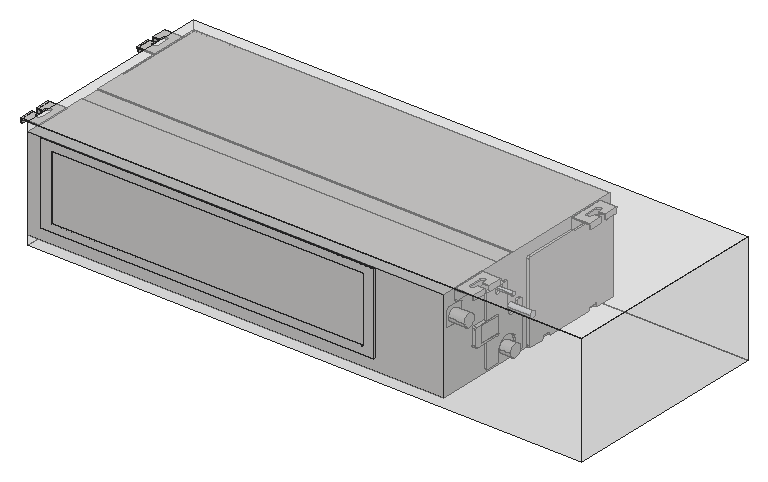
Revit family "outputfile", category 機械設備, Revit 2024
Family settings
  丸型コネクタ寸法 = 半径を使用
  パーツ タイプ = 標準
  OmniClass 番号 = 23.75.10.24.21.27.27
  OmniClass タイトル = Split System Air Conditioning Units
  作業面ベース = いいえ
  常に垂直 = はい
  ロード時にボイドで切り取り = いいえ
  注釈の向きを維持 = いいえ
  共有 = いいえ
  部屋計算ポイント = はい
Parameters (values of type "FPDSQ50APVM")
  Description = ""
  製造元 = "Daikin"
  書き出し IFC クラス(タイプ) = "IfcUnitaryEquipmentType"
  定義済み IFC タイプ(タイプ) = "AIRCONDITIONINGUNIT"
  Cost = 0
  モデル = "FPDSQ50APVM"
  Type Comments = ""
  Keynote = ""
  Type Image = (empty or 0)
  Assembly Code = ""
  lw_suctionflange = 36.75 mm  # constant formula
  r_Liquid Pipe Size = Liquid Pipe Size / 2  # 3.2 mm
  r_Gas Pipe Size = Gas Pipe Size / 2  # 6.35 mm
  r_Drain Pipe Size = Drain Pipe Size / 2  # 13.0 mm
  lw_dischargeflange = 60.0 mm  # constant formula
  lw_SA_left = 451.0 mm
  lw_SA = Width - 178.0 mm  # 722.0 mm
  lw_RA = 824.5 mm
  lh_suctionflange [instance] = if(Rear Connection_Return Air, -100.0 mm, -10.0 mm)  # -100.0 mm
  lh_power = 100.0 mm  # constant formula
  lh_mountinghole1 = lh_mountinghole  # 200.0 mm
  lh_dischargeflange = 112.0 mm  # constant formula
  lh_RA = 198.0 mm  # constant formula
  ld_dischargeflange = 225.0 mm  # constant formula
  ld_suctionflange [instance] = if(Rear Connection_Return Air, 190.0 mm, 100.0 mm)  # 190.0 mm
  angle_vertical_RA [instance] = if(Rear Connection_Return Air, 90.00°, 0.00°)  # 90.00°
  angle horizontal_RA [instance] = if(Rear Connection_Return Air, 180.00°, 270.00°)  # 180.00°
  Voltage_comment_60Hz = "220-230"
  Voltage_comment_50Hz = "220 - 240"
  Voltage_60Hz = 220 V
  Voltage_50Hz = 230 V
  URL = ""
  Supply Air Direction [instance] = yes
  Sound Power Level_H speed (dB) = 0
  Rear Connection_Return Air [instance] = not(Bottom Connection_Return Air)  # yes
  ld_RA = 190.0 mm  # constant formula
  Phase_60Hz = 1
  Phase_50Hz = 1
  Minimum External Static Pressure = 0.00 Pa
  Minimum Circuit Amps_60Hz = 0.63 A
  Minimum Circuit Amps_50Hz = 0.63 A
  Maximum Fuse Amps_60Hz = 16.0 A
  Maximum Fuse Amps_50Hz = 16.0 A
  Maximum External Static Pressure = 10.00 Pa
  Material_Casing = DAIKIN_GalvanizedSteel_Casing_indoorunit
  lw_mountinghole = 940.0 mm
  lh_gaspipe = -98.0 mm  # constant formula
  lh_mountinghole = 200.0 mm  # constant formula
  lh_liquidpipe = -45.5 mm  # constant formula
  lh_drainpipe = -50.0 mm  # constant formula
  lh_antena = 1.0 mm  # constant formula
  ld_drainpipe = 197.0 mm  # constant formula
  ld_liquidpipe = 84.0 mm  # constant formula
  ld_gaspipe = 46.5 mm  # constant formula
  ld_mountinghole = 315.0 mm  # constant formula
  h*** = 100.0 mm  # constant formula
  lw_liquidpipe = 40.0 mm  # constant formula
  lw_gaspipe = 51.0 mm  # constant formula
  lw_drainpipe = 33.0 mm  # constant formula
  Width = 900.0 mm
  Version = "ver.1.0"
  Unit Type = "Intelligent 3D Air Flow Ceiling Mounted Duct Type"
  Unit Mass Weight = 20.00 kg
  Unit Designation [instance] = ""
  Uniclass2015Version = "Products v1.30"
  Uniclass2015Title = "Variable refrigerant flow units"
  Uniclass2015Code = "Pr_70_65_03_94"
  Total Cooling Capacity [instance] = 0.000 kW
  Sound Pressure Level_M speed (dBA) = 35
  Sound Pressure Level_L speed (dBA) = 31
  Sound Pressure Level_H speed (dBA) = 39
  Series = "VRV HOME_Fan Coil Unit"
  Sensible Cooling Capacity [instance] = 0.000 kW
  SA Duct Size Width = 656.0 mm
  SA Duct Size Height = 141.0 mm
  Refrigerant Type = "R410A"
  RA Duct Size Width = 798.5 mm
  RA Duct Size Height = 172.0 mm
  Power Input (Cooling) = 0.049 kW
  Option Accessory 3 [instance] = ""
  Option Accessory 2 [instance] = ""
  Option Accessory 1 [instance] = ""
  Nominal Cooling Capacity = 5.600 kW
  Minimum Airflow = 630.00 m³/h
  Median Airflow = 780.00 m³/h
  Maximum Airflow = 900.00 m³/h
  Load Classification = HVAC
  Liquid Pipe Size = 6.4 mm
  Link_Nested Family [instance] = ""
  IfcVersion = ""
  IfcExportType = "AIRCONDITIONINGUNIT"
  IfcExportAs = "IfcUnitaryEquipmentType"
  Height = 200.0 mm
  Heat Exchanger Type = "Cross Fin Coil"
  Gas Pipe Size = 12.7 mm
  Frequency_60Hz = 60 Hz
  Frequency_50Hz = 50 Hz
  Fan Type = "Sirocco Fan"
  Fan Drive = "Direct Drive"
  FCU Tag No. [instance] = ""
  Drain Pipe Size = 26.0 mm
  Design Supply Airflow [instance] = 0.00 m³/h
  Design Return Airflow [instance] = 0.00 m³/h
  Design External Static Pressure [instance] = 0.00 Pa
  Depth = 450.0 mm
  既定の高さ = 0.0 mm
  Cooling Entering Wet Bulb Temperature [instance] = 0.00 °C
  Cooling Entering Dry Bulb Temperature [instance] = 0.00 °C
  Cooling Ambient Wet Bulb Temperature [instance] = 0.00 °C
  Cooling Ambient Dry Bulb Temperature [instance] = 0.00 °C
  Clearance visibility [instance] = yes
  Clearance Top = 20.0 mm
  Clearance Right = 300.0 mm
  Clearance Rear = 0.0 mm
  Clearance Left = 0.0 mm
  Clearance Front = 0.0 mm
  Clearance Bottom = 20.0 mm
  Bottom Connection_Return Air [instance] = no
  left_pipe = yes
Reference planes
  plane 1 "Center (Front/Back)": y = 0
  plane 2 "h": z = 0
  plane 3 "Center (Left/Right)": x = 0
  plane 4 "Back": y = 225
  plane 5 "Front": y = -225
  plane 6 "Left": x = -450
  plane 7 "Reight": x = 450
  plane 8 "Top": z = 0
  plane 9 "Bottom": z = -200
  plane 10: z = 1.2
  plane 11: z = -2
  plane 12: y = -136.255
  plane 13: z = -130.998
  plane 14: y = -88.831
  plane 15: x = -370
  plane 16 "lh_mountinghole": z = 0
  plane 17: y = -197
  plane 18: z = -50
  plane 19: y = -157.5
  plane 20: y = 157.5
  plane 21 "ld_liquidpipe": y = -84
  plane 22 "ld_gaspipe": y = -46.5
  plane 23: y = -215
  plane 24 "ld_maintenacesocket": y = -197
  plane 25: x = -470
  plane 26: x = -450
  plane 27: x = 448.7
  plane 28: x = 483
  plane 29: x = 457
  plane 30: x = 460
  plane 31: x = 458
  plane 32: x = 470
  plane 33: y = -62
  plane 34: x = 475.5
  plane 35: x = 448
  plane 36: y = 225
  plane 37: y = -225
  plane 38: x = -450
  plane 39: x = 750
  plane 40: z = 20
  plane 41: z = -220
  plane 42: y = 250
  plane 43: z = -198
  plane 44: z = 205.102
  plane 45 "d_liquid_pipe": x = 490
  plane 46 "d_gas_pipe": x = 501
  plane 47 "ld_SA": y = -225
  plane 48: x = -350
  plane 49: x = -60
  plane 50: y = 415
  plane 51: z = -88
  plane 52: z = -189.5
  plane 53: x = -449
  plane 54: z = -199
  plane 55: z = -1
  plane 56: y = 35
  plane 57: y = 25
  plane 58: z = -10
  plane 59 "RA_width": x = -36.75
  plane 60: y = 125
  plane 61 "RA_depth": y = 35
  plane 62: z = -100
  plane 63: x = -349
  plane 64: y = 224
  plane 65: x = 342.57
  plane 66: z = -31.16
  plane 67: x = 402
  plane 68: y = 158.8
  plane 69 "h86.5": z = -113.5
  plane 70: y = 111
Forms (mm)
  Extrusion 1, solid, material "DAIKIN_GalvanizedSteel_Casing_indoorunit" <- "Material_Casing"
    sketch origin (0, 0, 0) x (1, 0, 0) y (0, 1, 0)
      loop
        line (-450, 225) -> (-450, -225) -> (450, -225) -> (450, 225) -> (-450, 225)
    from -200 to 0
  Extrusion 2, solid, material "DAIKIN_GalvanizedSteel_Casing_indoorunit" <- "Material_Casing"
    sketch origin (0, 0.312, 0) x (0, 1, 0) y (0, 0, 1)
      loop
        line (182.791, -198) -> (224.688, -198) -> (224.688, -22.445) -> (195.656, -22.445) -> (192.165, -25.937) -> (122.336, -25.937) -> (118.844, -22.445) -> (1.633, -22.445)
        arc (1.633, -22.445) -> (-0.483, -23.322) -> (-1.36, -25.438) r 2.993
        line (-1.36, -25.438) -> (-1.36, -195.007)
        arc (-1.36, -195.007) -> (-0.483, -197.123) -> (1.633, -198) r 2.993
        line (1.633, -198) -> (31.061, -198)
        arc (31.061, -198) -> (33.177, -197.124) -> (34.053, -195.008) r 2.992
        line (34.053, -195.008) -> (34.053, -188.29)
        arc (34.053, -188.29) -> (35.55, -186.794) -> (37.046, -188.29) r 1.496
        line (37.046, -188.29) -> (37.046, -190.333) -> (52.01, -190.333) -> (52.01, -188.29)
        arc (52.01, -188.29) -> (53.506, -186.794) -> (55.002, -188.29) r 1.496
        line (55.002, -188.29) -> (55.002, -195.007)
        arc (55.002, -195.007) -> (55.879, -197.123) -> (57.995, -198) r 2.993
        line (57.995, -198) -> (155.756, -198)
        arc (155.756, -198) -> (157.872, -197.123) -> (158.749, -195.007) r 2.993
        line (158.749, -195.007) -> (158.749, -188.29)
        arc (158.749, -188.29) -> (160.245, -186.794) -> (161.741, -188.29) r 1.496
        line (161.741, -188.29) -> (161.741, -190.333) -> (176.705, -190.333) -> (176.705, -188.29)
        arc (176.705, -188.29) -> (178.201, -186.794) -> (179.697, -188.29) r 1.496
        line (179.697, -188.29) -> (179.697, -195.005)
        arc (179.697, -195.005) -> (180.571, -197.115) -> (182.682, -197.989) r 2.984
      loop
        arc (-61.313, -42.952) -> (-62.034, -41.571) -> (-63.466, -40.958) r 2.32
        line (-63.466, -40.958) -> (-70.317, -40.958)
        arc (-70.317, -40.958) -> (-71.728, -41.542) -> (-72.313, -42.953) r 1.995
        line (-72.313, -42.953) -> (-72.313, -45.5)
        arc (-72.313, -45.5) -> (-84.313, -57.5) -> (-96.313, -45.5) r 12
        line (-96.313, -45.5) -> (-96.313, -42.953)
        arc (-96.313, -42.953) -> (-96.897, -41.542) -> (-98.308, -40.958) r 1.995
        line (-98.308, -40.958) -> (-115.14, -40.958)
        arc (-115.14, -40.958) -> (-116.551, -41.542) -> (-117.135, -42.953) r 1.995
        line (-117.135, -42.953) -> (-117.135, -189.5) -> (-22.307, -189.5) -> (-22.307, -92.768)
        arc (-22.307, -92.768) -> (-22.891, -91.358) -> (-24.302, -90.773) r 1.995
        line (-24.302, -90.773) -> (-30.318, -90.773)
        arc (-30.318, -90.773) -> (-31.728, -91.358) -> (-32.313, -92.768) r 1.995
        line (-32.313, -92.768) -> (-32.313, -99.963)
        arc (-32.313, -99.963) -> (-47.621, -112.774) -> (-61.313, -98.249) r 14.551
        line (-61.313, -98.249) -> (-61.313, -42.952)
    from 450 to 457
  Extrusion 3, solid, material "DAIKIN_GalvanizedSteel_Casing_indoorunit" <- "Material_Casing"
    sketch origin (0, 0, 0) x (0, 1, 0) y (0, 0, 1)
      loop
        line (-91.821, -94.277) -> (-145.472, -94.277)
        arc (-145.472, -94.277) -> (-147.727, -95.07) -> (-148.682, -97.262) r 2.993
        line (-148.682, -97.262) -> (-148.682, -131.007)
        arc (-148.682, -131.007) -> (-147.871, -133.233) -> (-145.694, -134.172) r 2.993
        line (-145.694, -134.172) -> (-92.043, -134.172)
        arc (-92.043, -134.172) -> (-89.788, -133.378) -> (-88.833, -131.187) r 2.993
        line (-88.833, -131.187) -> (-88.831, -97.148)
        arc (-88.831, -97.148) -> (-89.748, -95.111) -> (-91.821, -94.277) r 2.993
    from 450 to 460
  Extrusion 4, void
    sketch origin (0, 0, 0) x (1, 0, 0) y (0, 1, 0)
      loop
        line (448.7, -35.647) -> (-450, -35.647) -> (-450, -77.912) -> (448.7, -77.912) -> (448.7, -35.647)
    from -2 to 0
  Extrusion 5, void
    sketch origin (0, 0, 0) x (0, 1, 0) y (0, 0, 1)
      loop
        line (-136.255, -95.719) -> (-136.255, -130.724) -> (-88.831, -130.724) -> (-88.831, -95.719) -> (-136.255, -95.719)
    from 458 to 460
  Extrusion 6, void
    sketch origin (0, 0, 29.537) x (0, 1, 0) y (0, 0, 1)
      loop
        arc (-37.558, -199.001) -> (-61.998, -174.561) -> (-86.438, -199.001) r 24.44
        line (-86.438, -199.001) -> (-86.438, -219.037) -> (-37.558, -219.037) -> (-37.558, -199.001)
    from 457 to 450
  Extrusion 7, solid, material "DAIKIN_GalvanizedSteel_Casing_indoorunit" <- "Material_Casing"
    sketch origin (0, 0, 0) x (0, 1, 0) y (0, 0, 1)
      loop
        circle (-62, -170) r 12.968
    from 450 to 475.5
  Extrusion 8, solid, material "DAIKIN_GalvanizedSteel_Casing_indoorunit" <- "Material_Casing"
    sketch origin (0, 0, 0) x (0, 1, 0) y (0, 0, 1)
      loop
        circle (-197, -50) r 13
    from 448 to 483
  Extrusion 9, void
    sketch origin (0, 0, 0) x (0, 1, 0) y (0, 0, 1)
      loop
        arc (-212.961, -29.051) -> (-216.488, -30.512) -> (-217.949, -34.039) r 4.988
        line (-217.949, -34.039) -> (-217.949, -63.961)
        arc (-217.949, -63.961) -> (-216.488, -67.488) -> (-212.961, -68.949) r 4.988
        line (-212.961, -68.949) -> (-181.039, -68.949)
        arc (-181.039, -68.949) -> (-177.512, -67.488) -> (-176.051, -63.961) r 4.988
        line (-176.051, -63.961) -> (-176.051, -34.039)
        arc (-176.051, -34.039) -> (-177.512, -30.512) -> (-181.039, -29.051) r 4.988
        line (-181.039, -29.051) -> (-212.961, -29.051)
    from 448 to 450
  Extrusion 10, solid
    sketch origin (0, 0, 0) x (0, 1, 0) y (0, 0, 1)
      loop
        circle (-84, -45.5) r 3.2
    from 450 to 490
  Extrusion 11, solid
    sketch origin (0, 0, 0) x (0, 1, 0) y (0, 0, 1)
      loop
        circle (-46.5, -98) r 6.35
    from 450 to 501
  Extrusion 12, solid, material "DAIKIN_GalvanizedSteel_Casing_indoorunit" <- "Material_Casing"
    sketch origin (0, 0, 0) x (1, 0, 0) y (0, 1, 0)
      loop
        circle (402, 158.8) r 25
    from -198 to -200
  Extrusion 13, void
    sketch origin (0, 0, 0) x (1, 0, 0) y (0, 0, 1)
      loop
        line (-449, -1) -> (-449, -199) -> (362.5, -199) -> (362.5, -1) -> (-449, -1)
    from -225 to -35
  Extrusion 14, void
    sketch origin (0, 0, 0) x (1, 0, 0) y (0, 1, 0)
      loop
        line (-449, 224) -> (-449, 26) -> (362.5, 26) -> (362.5, 224) -> (-449, 224)
    from -200 to -10
  Extrusion 15, solid, material "DAIKIN_GalvanizedSteel_Casing_indoorunit" <- "Material_Casing", visible <- "Rear Connection_Return Air"
    sketch origin (0, 0, 0) x (1, 0, 0) y (0, 1, 0)
      loop
        line (362.5, 224) -> (-449, 224) -> (-449, 26) -> (362.5, 26) -> (362.5, 224)
    from -200 to -199
  Extrusion 16, solid, material "DAIKIN_GalvanizedSteel_Casing_indoorunit" <- "Material_Casing", visible <- "Bottom Connection_Return Air"
    sketch origin (0, 0, 0) x (1, 0, 0) y (0, 0, 1)
      loop
        line (362.5, -1) -> (-449, -1) -> (-449, -199) -> (362.5, -199) -> (362.5, -1)
    from -225 to -215
  Extrusion 17, void
    sketch origin (-450, 0, 0) x (0, 1, 0) y (0, 0, 1)
      loop
        line (152, -88.5) -> (70, -88.5) -> (70, -138.5) -> (152, -138.5) -> (152, -88.5)
    from 0 to 0.5
  Revolve 18, solid, material "DAIKIN_GalvanizedSteel_Casing_indoorunit" <- "Material_Casing", visible <- "left_pipe"
    sketch origin (0, 0, -113.5) x (0, 1, 0) y (-1, 0, 0)
      loop
        line (111, 449.5) -> (111, 473) -> (103.5, 473) -> (103.5, 459) -> (93.5, 459) -> (93.5, 457.5) -> (90, 457.5) -> (90, 449.5) -> (111, 449.5)
      axis (111, 473) -> (111, 449.5)
    angle from 0 to 360
Cuts and joins
  Extrusion 4, Extrusion 5, Extrusion 9, Extrusion 13, Extrusion 14, Extrusion 17 cuts Extrusion 1
  Extrusion 5 cuts Extrusion 3
  Extrusion 6 cuts Extrusion 2
  Extrusion 13 cuts Extrusion 8
Dimensions and locks
  "Height": plane 8 "Top" to plane 9 "Bottom"
  locked: plane 10 to plane 8 "Top" at 1.2
  locked: plane 8 "Top" to plane 11 at 2
  locked: Extrusion 6 sketch curve to Extrusion 6 sketch curve at 48.881
  locked: Extrusion 6 sketch curve to Extrusion 6 sketch curve at 20.035  (x2)
  equal spacing: plane 19, plane 1 "Center (Front/Back)", plane 20
  "ld_mountinghole": plane 19 to plane 20
  "ld_gaspipe": plane 22 "ld_gaspipe" to plane 1 "Center (Front/Back)"
  "ld_liquidpipe": plane 21 "ld_liquidpipe" to plane 1 "Center (Front/Back)"
  "ld_drainpipe": plane 24 "ld_maintenacesocket" to plane 1 "Center (Front/Back)"
  equal spacing: plane 4 "Back", plane 1 "Center (Front/Back)", plane 5 "Front"
  "Depth": plane 4 "Back" to plane 5 "Front"
  locked: plane 12 to plane 1 "Center (Front/Back)" at 136.255
  locked: plane 12 to plane 14 at 47.425
  locked: plane 14 to plane 1 "Center (Front/Back)" at 88.831
  locked: plane 13 to plane 9 "Bottom" at 69.002
  equal spacing: plane 6 "Left", plane 3 "Center (Left/Right)", plane 7 "Reight"
  "Width": plane 6 "Left" to plane 7 "Reight"
  "lw_drainpipe": plane 7 "Reight" to plane 28
  locked: plane 7 "Reight" to plane 29 at 7
  locked: plane 30 to plane 28 at 23
  locked: plane 31 to plane 28 at 25
  equal spacing: plane 25, plane 3 "Center (Left/Right)", plane 32
  "lw_mountinghole": plane 25 to plane 32
  locked: plane 7 "Reight" to plane 34 at 25.5
  locked: plane 35 to plane 7 "Reight" at 2
  "Clearance Left": plane 38 to plane 6 "Left"
  "Clearance Right": plane 7 "Reight" to plane 39
  "Clearance Rear": plane 36 to plane 4 "Back"
  "Clearance Front": plane 5 "Front" to plane 37
  "Clearance Top": plane 40 to plane 8 "Top"
  "Clearance Bottom": plane 9 "Bottom" to plane 41
  locked: plane 42 to plane 4 "Back" at 25
  locked: plane 27 to plane 7 "Reight" at 1.3
  locked: plane 43 to plane 9 "Bottom" at 2
  "lw_liquidpipe": plane 7 "Reight" to plane 45 "d_liquid_pipe"
  "lw_gaspipe": plane 7 "Reight" to plane 46 "d_gas_pipe"
  "lh_mountinghole": plane 16 "lh_mountinghole" to plane 9 "Bottom"
  "ld_suctionflange": plane 50 to plane 4 "Back"
  "lw_dischargeflange": plane 49 to plane 3 "Center (Left/Right)"
  "lh_dischargeflange": plane 51 to plane 9 "Bottom"
  locked: plane 52 to plane 9 "Bottom" at 10.5
  locked: plane 33 to plane 1 "Center (Front/Back)" at 62
  locked: plane 8 "Top" to plane 55 at 1
  locked: plane 53 to plane 6 "Left" at 1
  locked: plane 54 to plane 9 "Bottom" at 1
  locked: plane 58 to plane 9 "Bottom" at 190
  locked: plane 4 "Back" to plane 56 at 190
  locked: plane 4 "Back" to plane 57 at 200
  locked: plane 4 "Back" to plane 60 at 100
  "lw_suctionflange": plane 59 "RA_width" to plane 3 "Center (Left/Right)"
  "ld_suctionflange": plane 4 "Back" to plane 61 "RA_depth"
  "lh_power": plane 62 to plane 9 "Bottom"
  locked: plane 48 to plane 63 at 1
  locked: plane 36 to plane 64 at 1
  locked: plane 8 "Top" to plane 66 at 31.16
  locked: plane 7 "Reight" to plane 65 at 107.43
  locked: plane 18 to plane 9 "Bottom" at 150
  locked: plane 67 to plane 7 "Reight" at 48
  locked: Extrusion 17 sketch curve to Extrusion 17 sketch curve at 82
  locked: Extrusion 17 sketch curve to Extrusion 17 sketch curve at 50
  locked: plane 4 "Back" to Extrusion 17 sketch curve at 73
  locked: Extrusion 17 sketch curve to plane 9 "Bottom" at 61.5
  locked: plane 69 "h86.5" to plane 9 "Bottom" at 86.5
  locked: plane 4 "Back" to plane 70 at 114
  locked: plane 70 to Revolve 18 sketch curve at 21
  locked: plane 70 to Revolve 18 sketch curve at 17.5
  locked: plane 70 to Revolve 18 sketch curve at 7.5
  locked: Revolve 18 sketch curve to plane 6 "Left" at 23
  cut or joined group of Extrusion 1, Extrusion 4, Extrusion 5, Extrusion 9, Extrusion 13, Extrusion 14, Extrusion 17 to nested 16 = 798.5 mm
  nested 16 to nested 9 = 14.0 mm
  nested 16 to cut or joined group of Extrusion 1, Extrusion 4, Extrusion 5, Extrusion 9, Extrusion 13, Extrusion 14, Extrusion 17 = 13.0 mm
  "ld_dischargeflange": plane 47 "ld_SA" to plane 1 "Center (Front/Back)"
  plane 4 "Back" to plane 68 = 66.2 mm
  "Drain Pipe Size": diameter of Extrusion 8 sketch curve
  "Liquid Pipe Size": diameter of Extrusion 10 sketch curve
  "Gas Pipe Size": diameter of Extrusion 11 sketch curve
  aligned and locked: level to plane 2 "h"
  aligned and locked: plane 8 "Top" to Extrusion 1
  aligned and locked: Extrusion 1 to plane 9 "Bottom"
  aligned and locked: cut or joined group of Extrusion 1, Extrusion 4, Extrusion 5, Extrusion 9, Extrusion 13, Extrusion 14, Extrusion 17 to plane 8 "Top"
  aligned and locked: Extrusion 4 to plane 11
  aligned and locked: plane 8 "Top" to Extrusion 4
  aligned and locked: Extrusion 3 to Extrusion 5
  aligned and locked: plane 14 to Extrusion 5 sketch curve
  aligned and locked: Extrusion 5 sketch curve to plane 12
  aligned and locked: plane 19 to nested 1
  aligned and locked: nested 3 to plane 19
  aligned and locked: nested 2 to plane 20
  aligned and locked: nested 4 to plane 22 "ld_gaspipe"
  aligned and locked: nested 5 to plane 21 "ld_liquidpipe"
  aligned and locked: nested 6 to plane 24 "ld_maintenacesocket"
  aligned and locked: plane 4 "Back" to cut or joined group of Extrusion 2, Extrusion 6
  aligned and locked: nested 1 to plane 7 "Reight"
  aligned and locked: plane 6 "Left" to plane 26
  aligned and locked: Extrusion 4 sketch curve to plane 26
  aligned and locked: Extrusion 4 sketch curve to plane 27
  aligned and locked: cut or joined group of Extrusion 1, Extrusion 4, Extrusion 5, Extrusion 9, Extrusion 13, Extrusion 14, Extrusion 17 to plane 6 "Left"
  aligned and locked: plane 7 "Reight" to cut or joined group of Extrusion 1, Extrusion 4, Extrusion 5, Extrusion 9, Extrusion 13, Extrusion 14, Extrusion 17
  aligned and locked: plane 28 to Extrusion 8
  aligned and locked: Extrusion 8 to plane 28  (x2)
  aligned and locked: cut or joined group of Extrusion 2, Extrusion 6 to plane 29
  aligned and locked: plane 29 to cut or joined group of Extrusion 2, Extrusion 6  (x3)
  aligned and locked: plane 7 "Reight" to nested 1
  aligned and locked: cut or joined group of Extrusion 2, Extrusion 6 to plane 7 "Reight"
  aligned and locked: Extrusion 2 to Extrusion 6
  aligned and locked: Extrusion 6 to plane 7 "Reight"
  aligned and locked: plane 30 to cut or joined group of Extrusion 3, Extrusion 5
  aligned and locked: cut or joined group of Extrusion 3, Extrusion 5 to plane 31
  aligned and locked: nested 2 to plane 6 "Left"
  aligned and locked: nested 3 to plane 6 "Left"
  aligned and locked: plane 33 to Extrusion 7 sketch curve
  aligned and locked: Extrusion 7 to plane 7 "Reight"
  aligned and locked: plane 34 to Extrusion 7
  aligned and locked: Extrusion 3 to plane 7 "Reight"
  aligned and locked: plane 7 "Reight" to Extrusion 9
  aligned and locked: plane 35 to Extrusion 9
  aligned and locked: plane 35 to Extrusion 8
  aligned and locked: plane 20 to nested 7
  aligned and locked: plane 3 "Center (Left/Right)" to nested 8
  aligned and locked: plane 1 "Center (Front/Back)" to nested 8
  aligned and locked: plane 7 "Reight" to nested 7
  aligned and locked: plane 4 "Back" to cut or joined group of Extrusion 1, Extrusion 4, Extrusion 5, Extrusion 9, Extrusion 13, Extrusion 14, Extrusion 17
  aligned and locked: nested 9 to plane 37
  aligned and locked: plane 38 to nested 9
  aligned and locked: plane 39 to nested 9
  aligned and locked: nested 9 to plane 38
  aligned and locked: plane 36 to nested 9
  aligned and locked: plane 40 to nested 9
  aligned and locked: plane 41 to nested 9
  aligned and locked: cut or joined group of Extrusion 1, Extrusion 4, Extrusion 5, Extrusion 9, Extrusion 13, Extrusion 14, Extrusion 17 to plane 9 "Bottom"
  aligned and locked: Extrusion 10 to plane 7 "Reight"
  aligned and locked: plane 45 "d_liquid_pipe" to Extrusion 10
  aligned and locked: plane 22 "ld_gaspipe" to Extrusion 11 sketch curve
  aligned and locked: Extrusion 11 to plane 7 "Reight"
  aligned and locked: plane 46 "d_gas_pipe" to Extrusion 11
  aligned and locked: plane 46 "d_gas_pipe" to nested 4
  aligned and locked: plane 45 "d_liquid_pipe" to nested 5
  aligned and locked: plane 21 "ld_liquidpipe" to Extrusion 10 sketch curve
  aligned and locked: plane 16 "lh_mountinghole" to nested 3
  aligned and locked: plane 16 "lh_mountinghole" to nested 2
  aligned and locked: plane 16 "lh_mountinghole" to nested 1
  aligned and locked: plane 16 "lh_mountinghole" to nested 7
  aligned and locked: plane 32 to nested 10
  aligned and locked: plane 19 to nested 10
  aligned and locked: plane 32 to nested 13
  aligned and locked: plane 20 to nested 13
  aligned and locked: plane 25 to nested 11
  aligned and locked: plane 20 to nested 11
  aligned and locked: plane 25 to nested 12
  aligned and locked: plane 19 to nested 12
  aligned and locked: plane 49 to nested 14
  aligned and locked: plane 51 to nested 14
  aligned and locked: plane 20 to nested 15
  aligned and locked: plane 52 to Extrusion 2 sketch curve
  aligned and locked: cut or joined group of Extrusion 2, Extrusion 6 to Extrusion 12
  aligned and locked: Extrusion 12 to plane 9 "Bottom"
  aligned and locked: nested 15 to plane 9 "Bottom"
  aligned and locked: Extrusion 2 sketch curve to plane 43  (x3)
  aligned and locked: plane 53 to Extrusion 13 sketch curve
  aligned and locked: Extrusion 13 sketch curve to plane 55
  aligned and locked: plane 54 to Extrusion 13 sketch curve
  aligned and locked: plane 4 "Back" to Extrusion 13
  aligned and locked: nested 16 to cut or joined group of Extrusion 1, Extrusion 4, Extrusion 5, Extrusion 9, Extrusion 13, Extrusion 14, Extrusion 17
  aligned and locked: Extrusion 14 to plane 9 "Bottom"
  aligned and locked: plane 58 to Extrusion 14
  aligned and locked: Extrusion 15 sketch curve to cut or joined group of Extrusion 1, Extrusion 4, Extrusion 5, Extrusion 9, Extrusion 13, Extrusion 14, Extrusion 17  (x2)
  aligned and locked: cut or joined group of Extrusion 1, Extrusion 4, Extrusion 5, Extrusion 9, Extrusion 13, Extrusion 14, Extrusion 17 to Extrusion 15 sketch curve
  aligned and locked: Extrusion 15 to plane 9 "Bottom"
  aligned and locked: Extrusion 13 to plane 56
  aligned and locked: Extrusion 16 sketch curve to cut or joined group of Extrusion 1, Extrusion 4, Extrusion 5, Extrusion 9, Extrusion 13, Extrusion 14, Extrusion 17  (x3)
  aligned and locked: plane 4 "Back" to Extrusion 16
  aligned and locked: Extrusion 15 to cut or joined group of Extrusion 1, Extrusion 4, Extrusion 5, Extrusion 9, Extrusion 13, Extrusion 14, Extrusion 17
  aligned and locked: plane 7 "Reight" to nested 6
  aligned and locked: plane 24 "ld_maintenacesocket" to nested 6
  aligned and locked: plane 61 "RA_depth" to nested 17
  aligned and locked: plane 67 to Extrusion 12 sketch curve
  aligned and locked: plane 68 to Extrusion 12 sketch curve
  aligned and locked: plane 67 to nested 15
  aligned and locked: nested 18 to Extrusion 16
  aligned and locked: plane 70 to Revolve 18 sketch curve
  aligned and locked: plane 49 to nested 19
  aligned and locked: plane 47 "ld_SA" to nested 19
  aligned and locked: plane 1 "Center (Front/Back)" to nested 14
  aligned and locked: nested 19 to plane 51
Automatic sketch dimensions
  Extrusion 3 sketch curve to Extrusion 3 sketch curve = 0.217 mm  (x2)
  Extrusion 3 sketch curve to Extrusion 3 sketch curve = 2.985 mm  (x2)
  Extrusion 3 sketch curve to Extrusion 3 sketch curve = 53.651 mm
  Extrusion 3 sketch curve to Extrusion 3 sketch curve = 2.988 mm
  Extrusion 3 sketch curve to Extrusion 3 sketch curve = 0.172 mm
  Extrusion 3 sketch curve to Extrusion 3 sketch curve = 0.222 mm
  Extrusion 3 sketch curve to Extrusion 3 sketch curve = 2.993 mm
  Extrusion 3 sketch curve to Extrusion 3 sketch curve = 0.008 mm
  plane 1 "Center (Front/Back)" to Extrusion 4 sketch curve = 77.912 mm
  plane 1 "Center (Front/Back)" to Extrusion 4 sketch curve = 35.647 mm
  plane 9 "Bottom" to Extrusion 7 sketch curve = 30.0 mm
  Extrusion 3 sketch curve to Extrusion 3 sketch curve = 2.99 mm
  plane 9 "Bottom" to Extrusion 3 sketch curve = 65.828 mm
  Extrusion 3 sketch curve to Extrusion 3 sketch curve = 33.917 mm
  Extrusion 3 sketch curve to Extrusion 3 sketch curve = 33.745 mm
  Extrusion 3 sketch curve to plane 19 = 8.818 mm
  plane 23 to Extrusion 1 sketch curve = 10.0 mm
  Extrusion 1 sketch curve to plane 6 "Left" = 0.0 mm
  Extrusion 1 sketch curve to plane 7 "Reight" = 0.0 mm
  plane 23 to Extrusion 9 sketch curve = 2.949 mm
  Extrusion 9 sketch curve to plane 23 = 2.039 mm  (x2)
  Extrusion 9 sketch curve to plane 24 "ld_maintenacesocket" = 15.961 mm
  Extrusion 9 sketch curve to Extrusion 9 sketch curve = 4.988 mm  (x2)
  Extrusion 1 sketch curve to plane 4 "Back" = 0.0 mm
  plane 21 "ld_liquidpipe" to Extrusion 6 sketch curve = 2.438 mm
  plane 43 to Extrusion 6 sketch curve = 8.5 mm
  plane 6 "Left" to Extrusion 14 sketch curve = 1.0 mm
  Extrusion 14 sketch curve to plane 7 "Reight" = 87.5 mm
  Extrusion 14 sketch curve to plane 4 "Back" = 1.0 mm
  Extrusion 15 sketch curve to plane 4 "Back" = 1.0 mm
  plane 51 to Extrusion 5 sketch curve = 7.719 mm
  Extrusion 9 sketch curve to plane 51 = 19.051 mm
  Extrusion 9 sketch curve to plane 58 = 24.039 mm
  Extrusion 10 sketch curve to plane 58 = 35.5 mm
  plane 35 to Extrusion 16 sketch curve = 85.5 mm
  plane 35 to Extrusion 13 sketch curve = 85.5 mm
  plane 57 to Extrusion 14 sketch curve = 1.0 mm
  Extrusion 8 sketch curve to plane 17 = 0.0 mm
  Extrusion 8 sketch curve to plane 18 = 0.0 mm
  plane 62 to Extrusion 11 sketch curve = 2.0 mm
  plane 13 to Extrusion 5 sketch curve = 0.274 mm
  Revolve 18 sketch curve to plane 70 = 0.0 mm
  plane 6 "Left" to Revolve 18 sketch curve = 0.5 mm
  Revolve 18 sketch curve to Revolve 18 sketch curve = 24.26 mm
  Revolve 18 sketch curve to Revolve 18 sketch curve = 20.32 mm
  Extrusion 2 sketch curve to plane 4 "Back" = 0.0 mm
  plane 66 to Extrusion 2 sketch curve = 5.223 mm
  Extrusion 2 sketch curve to plane 4 "Back" = 32.523 mm
  plane 43 to Extrusion 2 sketch curve = 2.995 mm
  Extrusion 2 sketch curve to plane 20 = 25.494 mm
  plane 52 to Extrusion 2 sketch curve = 1.21 mm  (x4)
  Extrusion 2 sketch curve to Extrusion 2 sketch curve = 2.984 mm
  Extrusion 2 sketch curve to Extrusion 2 sketch curve = 1.496 mm  (x3)
  Extrusion 2 sketch curve to plane 52 = 0.833 mm  (x2)
  Extrusion 2 sketch curve to plane 20 = 4.554 mm
  plane 20 to Extrusion 2 sketch curve = 1.432 mm
  Extrusion 2 sketch curve to plane 60 = 2.352 mm
  Extrusion 2 sketch curve to Extrusion 2 sketch curve = 3.492 mm
  plane 43 to Extrusion 2 sketch curve = 2.993 mm
  plane 56 to Extrusion 2 sketch curve = 23.307 mm
  plane 56 to Extrusion 2 sketch curve = 2.359 mm
  plane 56 to Extrusion 2 sketch curve = 0.862 mm
  Extrusion 2 sketch curve to plane 56 = 0.634 mm
  Extrusion 2 sketch curve to Extrusion 2 sketch curve = 2.992 mm
  Extrusion 2 sketch curve to plane 1 "Center (Front/Back)" = 1.945 mm  (x2)
  plane 1 "Center (Front/Back)" to Extrusion 2 sketch curve = 1.047 mm
  Extrusion 2 sketch curve to Extrusion 2 sketch curve = 20.947 mm
  Extrusion 2 sketch curve to Extrusion 2 sketch curve = 1.995 mm  (x4)
  Extrusion 2 sketch curve to Extrusion 2 sketch curve = 6.016 mm
  plane 62 to Extrusion 2 sketch curve = 0.037 mm
  Extrusion 2 sketch curve to plane 22 "ld_gaspipe" = 0.051 mm
  Extrusion 2 sketch curve to plane 66 = 11.792 mm
  Extrusion 2 sketch curve to Extrusion 2 sketch curve = 30.995 mm
  Extrusion 2 sketch curve to Extrusion 2 sketch curve = 2.154 mm
  Extrusion 2 sketch curve to Extrusion 2 sketch curve = 0.144 mm
  Extrusion 2 sketch curve to Extrusion 2 sketch curve = 6.708 mm
  plane 21 "ld_liquidpipe" to Extrusion 2 sketch curve = 0.0 mm
  Extrusion 2 sketch curve to plane 66 = 9.798 mm
  Extrusion 2 sketch curve to Extrusion 2 sketch curve = 16.833 mm
  plane 21 "ld_liquidpipe" to Extrusion 2 sketch curve = 32.823 mm
  plane 51 to Extrusion 2 sketch curve = 4.768 mm
  Extrusion 2 sketch curve to Extrusion 2 sketch curve = 2.547 mm
  Extrusion 2 sketch curve to Extrusion 2 sketch curve = 0.321 mm
  plane 66 to Extrusion 2 sketch curve = 5.722 mm
  Extrusion 2 sketch curve to Extrusion 2 sketch curve = 3.491 mm
  Extrusion 2 sketch curve to Extrusion 2 sketch curve = 0.11 mm
  Extrusion 2 sketch curve to Extrusion 2 sketch curve = 0.0 mm
  plane 66 to Extrusion 2 sketch curve = 8.715 mm
  Revolve 18 sketch curve to Revolve 18 sketch curve = 1.5 mm
  Revolve 18 sketch curve to plane 6 "Left" = 7.5 mm
  radius of Extrusion 7 sketch curve = 12.968 mm
  radius of Extrusion 12 sketch curve = 25.0 mm
Nested families
  nested 1: "daikin_hangerfixture_FPDSQ-APVM" at (450, -157.5, 0), type "daikin_hangerfixture_FPDSQ-APVM"
  nested 2: "daikin_hangerfixture_FPDSQ-APVM" at (-450, 157.5, 0) x (-1, 0, 0) z (0, 0, 1), type "daikin_hangerfixture_FPDSQ-APVM"
  nested 3: "daikin_hangerfixture_FPDSQ-APVM" at (-450, -157.5, 0) x (-1, 0, 0) z (0, 0, 1), type "daikin_hangerfixture_FPDSQ-APVM"
  nested 4: "daikin_connector_rotate2" at (450, -46.5, -98) x (0, 1, 0) z (0, 0, 1), length <- "lw_gaspipe", built-in parameter 1001364 <- "lh_gaspipe", type "daikin_connector_rotate2"
    with radius 6.35 mm, length 51.0 mm, angle_vertical 90.00°
  nested 5: "daikin_connector_rotate2" at (450, -84, -45.5) x (0, 1, 0) z (0, 0, 1), length <- "lw_liquidpipe", built-in parameter 1001364 <- "lh_liquidpipe", type "daikin_connector_rotate2"
    with radius 3.2 mm, length 40.0 mm, angle_vertical 90.00°
  nested 6: "daikin_connector_rotate2" at (450, -197, -50) x (0, 1, 0) z (0, 0, 1), length <- "lw_drainpipe", built-in parameter 1001364 <- "lh_drainpipe", type "daikin_connector_rotate2"
    with radius 13.0 mm, length 33.0 mm, angle_vertical 90.00°
  nested 7: "daikin_hangerfixture_FPDSQ-APVM" at (450, 157.5, 0), type "daikin_hangerfixture_FPDSQ-APVM"
  nested 8: "daikin_△_symbolicline" at (0, 0, 200), built-in parameter 1001364 <- "Height", visible <- "Supply Air Direction", type "daikin_△_symbolicline"
    with length 200.0 mm
  nested 9: "daikin_clearancespace" at (150, 0, -99.881), visible <- "Clearance visibility", show <- "Clearance visibility", Link_Nested Family <- "Link_Nested Family", type "daikin_clearancespace"
    with width 1200.0 mm, show yes, height 240.0 mm, depth 450.0 mm, Link_Nested Family ""
  nested 10: "daikin_mountinghole" at (470, -157.5, -200), l_antenna <- "lh_antena", Link_Nested Family <- "Link_Nested Family", h_mountinghole <- "lh_mountinghole1", type "daikin_mountinghole"
    with show yes, l_antenna 1.0 mm, h_mountinghole 200.0 mm, Link_Nested Family ""
  nested 11: "daikin_mountinghole" at (-470, 157.5, -200), l_antenna <- "lh_antena", Link_Nested Family <- "Link_Nested Family", h_mountinghole <- "lh_mountinghole1", type "daikin_mountinghole"
    with show yes, l_antenna 1.0 mm, h_mountinghole 200.0 mm, Link_Nested Family ""
  nested 12: "daikin_mountinghole" at (-470, -157.5, -200), l_antenna <- "lh_antena", Link_Nested Family <- "Link_Nested Family", h_mountinghole <- "lh_mountinghole1", type "daikin_mountinghole"
    with show yes, l_antenna 1.0 mm, h_mountinghole 200.0 mm, Link_Nested Family ""
  nested 13: "daikin_mountinghole" at (470, 157.5, -200), l_antenna <- "lh_antena", Link_Nested Family <- "Link_Nested Family", h_mountinghole <- "lh_mountinghole1", type "daikin_mountinghole"
    with show yes, l_antenna 1.0 mm, h_mountinghole 200.0 mm, Link_Nested Family ""
  nested 14: "daikin_connector_rotate2" at (-60, 0, -88), length <- "ld_dischargeflange", type "daikin_connector_rotate2"
    with radius 10.0 mm, length 225.0 mm, angle_vertical 90.00°
  nested 15: "daikin_connector_rotate2" at (402, 157.5, -100) x (1, 0, 0) z (0, -1, 0), length <- "lh_power", type "daikin_connector_rotate2"
    with radius 10.0 mm, length 100.0 mm, angle_vertical 90.00°
  nested 16: "daikin_ductflange_FPDSQ-APVM2" at (-36.75, 225, -199), height <- "lh_RA", width <- "lw_RA", visible <- "Rear Connection_Return Air", type "daikin_ductflange_FPDSQ-APVM2"
    with width 824.5 mm, height 198.0 mm, depth 8.188 mm
  nested 17: "daikin_connector_rotate3" at (-36.75, 35, -100), built-in parameter 1001364 <- "lh_suctionflange", length <- "ld_RA", angle_vertical <- "angle_vertical_RA", angle_horizontal <- "angle horizontal_RA", type "daikin_connector_rotate3"
    with show no, radius 10.0 mm, length 190.0 mm, angle_vertical 90.00°, angle_horizontal 180.00°
  nested 18: "daikin_ductflange_FPDSQ-APVM2" at (-36.75, 26, -200) x (1, 0, 0) z (0, 1, 0), width <- "lw_RA", height <- "lh_RA", visible <- "Bottom Connection_Return Air", type "daikin_ductflange_FPDSQ-APVM2"
    with width 824.5 mm, height 198.0 mm, depth 562.323 mm
  nested 19: "daikin_ductflange_FPDSQ-APVM3" at (-60, -225, -187), height <- "lh_RA", width <- "lw_SA", type "daikin_ductflange_FPDSQ-APVM3"
    with width 722.0 mm, height 198.0 mm, depth 1.0 mm
Connectors
  piping at (501, -46.5, -98), diameter 12.7, driven by "r_Gas Pipe Size"
    settings: on nested 4, index 3, connector inside diameter 609.6 mm, connector length 0.0 mm, flow factor 0, pipe flow 0.00 m³/h, pressure drop 0.0 Pa, fitting loss kfactor 0, connector angle 0.00°, fixture units 0, engagement length 0.0 mm, angle of deflection 0.00°, flow configuration 1, flow direction 2, fitting loss method 0, system type 29, joint type 0, gender type 0, connector reference index -1, connector utility 0, adjustable connector no, is connector primary yes, connector description "Refrigerant Gas Piping"
  piping at (490, -84, -45.5), diameter 6.4, driven by "r_Liquid Pipe Size"
    settings: on nested 5, index 4, connector inside diameter 609.6 mm, connector length 0.0 mm, flow factor 0, pipe flow 0.00 m³/h, pressure drop 0.0 Pa, fitting loss kfactor 0, connector angle 0.00°, fixture units 0, engagement length 0.0 mm, angle of deflection 0.00°, flow configuration 1, flow direction 1, fitting loss method 0, system type 29, joint type 0, gender type 0, connector reference index -1, connector utility 0, adjustable connector no, is connector primary no, connector description "Refrigerant Liquid Piping"
  piping at (483, -197, -50), diameter 26, driven by "r_Drain Pipe Size"
    settings: on nested 6, index 5, connector inside diameter 609.6 mm, connector length 0.0 mm, flow factor 0, pipe flow 0.00 m³/h, pressure drop 0.0 Pa, fitting loss kfactor 0, connector angle 0.00°, fixture units 0, engagement length 0.0 mm, angle of deflection 0.00°, flow configuration 1, flow direction 2, fitting loss method 4, system type 16, joint type 0, gender type 0, connector reference index -1, connector utility 0, adjustable connector no, is connector primary no, connector description "Condensate Drain Piping"
  electrical at (402, 157.5, -200), driven by "Load Classification"
    settings: on nested 15, index 12, voltage 0 V, apparent load 0 VA, apparent load phase1 0 VA, apparent load phase2 0 VA, apparent load phase3 0 VA, power factor 1, load classification "HVAC", number of poles 1, system type 30, power factor state 1, is connector primary yes, connector utility no, sub classification motor no, connector description "Power Supply"
  hvac at (-36.75, 225, -100), driven by "RA Duct Size Height", driven by "RA Duct Size Width"
    settings: on nested 17, index 13, duct flow 0.00 m³/h, flow factor 0, pres drop 0.00 Pa, loss coef 0, conn angle 0.00°, conn width 798.5 mm, conn height 172.0 mm, conn diameter 609.6 mm, duct sys type 2, conn prof type 1, flow config 0, flow direction 1, loss method 4, conn ref index -1, conn util no, is conn primary yes, conn desc "RA Duct"
  hvac at (-60, -225, -88), driven by "SA Duct Size Height", driven by "SA Duct Size Width"
    settings: on nested 14, index 14, duct flow 0.00 m³/h, flow factor 0, pres drop 0.00 Pa, loss coef 0, conn angle 0.00°, conn width 656.0 mm, conn height 141.0 mm, conn diameter 609.6 mm, duct sys type 1, conn prof type 1, flow config 0, flow direction 2, loss method 4, conn ref index -1, conn util no, is conn primary no, conn desc "SA Duct"
Definition of nested family "daikin_hangerfixture_FPDSQ-APVM"
  Parameters (values of type "daikin_hangerfixture_FXDSQ-AVM")
    width = 40.0 mm
    material = none
    height = 25.0 mm
    depth = 75.0 mm
    Default Elevation = 0.0 mm
  Reference planes
    plane 1 "Center (Front/Back)": y = 0
    plane 2: z = 0
    plane 3 "Center (Left/Right)": x = 0
    plane 4: y = 417.146
    plane 5: z = -1.6
    plane 6: z = -65
    plane 7: z = -12
    plane 8: x = 40
    plane 9: y = 37.5
    plane 10: y = -37.5
    plane 11: y = -41
    plane 12: y = 41
    plane 13: z = -25
    plane 14: x = 1.5
    plane 15: x = 14
    plane 16: x = 26
    plane 17: x = 38
  Forms (mm)
    Extrusion 1, solid, material <- "material"
      sketch origin (0, 0, 0) x (1, 0, 0) y (0, 1, 0)
        loop
          line (0, 37.5) -> (0, -37.5) -> (40, -37.5) -> (40, -6.539) -> (26, -6.539) -> (26, -12.19)
          arc (26, -12.19) -> (20, -18.19) -> (14, -12.19) r 6
          line (14, -12.19) -> (14, 12.19)
          arc (14, 12.19) -> (20, 18.19) -> (26, 12.19) r 6
          line (26, 12.19) -> (26, 6.539) -> (40, 6.539) -> (40, 37.5) -> (0, 37.5)
      from -1.6 to 0
    Extrusion 2, solid, material <- "material"
      sketch origin (0, 0, 0) x (0, 1, 0) y (0, 0, 1)
        loop
          line (37.5, -20.411) -> (37.5, 0) -> (-37.5, 0) -> (-37.5, -20.411)
          arc (-37.5, -20.411) -> (-36.156, -23.656) -> (-32.911, -25) r 4.589
          line (-32.911, -25) -> (32.911, -25)
          arc (32.911, -25) -> (36.156, -23.656) -> (37.5, -20.411) r 4.589
      from 0 to 1.5
    Extrusion 3, solid, material <- "material"
      sketch origin (0, 0, 0) x (0, 1, 0) y (0, 0, 1)
        loop
          line (-6.5, 0) -> (-35, 0) -> (-35, -8)
          arc (-35, -8) -> (-34.121, -10.121) -> (-32, -11) r 3
          line (-32, -11) -> (-9.5, -11)
          arc (-9.5, -11) -> (-7.379, -10.121) -> (-6.5, -8) r 3
          line (-6.5, -8) -> (-6.5, 0)
        loop
          line (6.5, 0) -> (6.5, -8)
          arc (6.5, -8) -> (7.379, -10.121) -> (9.5, -11) r 3
          line (9.5, -11) -> (32, -11)
          arc (32, -11) -> (34.121, -10.121) -> (35, -8) r 3
          line (35, -8) -> (35, 0) -> (6.5, 0)
      from 38 to 40
  Cuts and joins
    joined: Extrusion 1, Extrusion 2, Extrusion 3
  Dimensions and locks
    "width": plane 3 "Center (Left/Right)" to plane 8
    "depth": plane 10 to plane 9
    equal spacing: plane 10, plane 1 "Center (Front/Back)", plane 9
    locked: plane 11 to plane 10 at 3.5
    locked: plane 9 to plane 12 at 3.5
    "height": level to plane 13
    locked: plane 14 to plane 3 "Center (Left/Right)" at 1.5
    plane 3 "Center (Left/Right)" to plane 15 = 14.0 mm
    locked: plane 15 to plane 16 at 12
    locked: plane 8 to plane 17 at 2
    aligned and locked: level to plane 2
    aligned and locked: level to Extrusion 1
    aligned and locked: Extrusion 1 to plane 5
    aligned and locked: Extrusion 1 sketch curve to plane 3 "Center (Left/Right)"
    aligned and locked: Extrusion 1 sketch curve to plane 8  (x2)
    aligned and locked: level to Extrusion 2 sketch curve
    aligned and locked: Extrusion 2 to plane 13
    aligned and locked: plane 14 to Extrusion 2
    aligned and locked: plane 9 to Extrusion 1 sketch curve
    aligned and locked: Extrusion 1 sketch curve to plane 10
    aligned and locked: Extrusion 1 sketch curve to plane 15
    aligned and locked: plane 16 to Extrusion 1 sketch curve  (x2)
    aligned and locked: cut or joined group of Extrusion 1, Extrusion 2, Extrusion 3 to plane 17
  Automatic sketch dimensions
    plane 9 to Extrusion 2 sketch curve = 4.589 mm
    Extrusion 2 sketch curve to plane 7 = 8.411 mm
    Extrusion 2 sketch curve to plane 10 = 4.589 mm
    Extrusion 2 sketch curve to Extrusion 2 sketch curve = 4.589 mm
    Extrusion 2 sketch curve to plane 9 = 0.0 mm
    plane 1 "Center (Front/Back)" to Extrusion 1 sketch curve = 12.19 mm
    Extrusion 1 sketch curve to Extrusion 1 sketch curve = 5.651 mm  (x2)
    Extrusion 1 sketch curve to plane 1 "Center (Front/Back)" = 6.539 mm
    Extrusion 3 sketch curve to level = 0.0 mm  (x2)
    Extrusion 3 sketch curve to plane 10 = 2.5 mm
    plane 7 to Extrusion 3 sketch curve = 1.0 mm  (x2)
    Extrusion 3 sketch curve to Extrusion 3 sketch curve = 3.0 mm  (x2)
    plane 7 to Extrusion 3 sketch curve = 4.0 mm
    plane 1 "Center (Front/Back)" to Extrusion 3 sketch curve = 9.5 mm
    Extrusion 3 sketch curve to plane 1 "Center (Front/Back)" = 6.5 mm
    plane 9 to Extrusion 3 sketch curve = 5.5 mm
    plane 9 to Extrusion 3 sketch curve = 2.5 mm
Definition of nested family "daikin_clearancespace"
  Parameters (values of type "daikin_clearancespace")
    Description = "daikin_clearancespace"
    width [instance] = 1823.963 mm
    show [instance] = yes
    material = none
    height [instance] = 1359.762 mm
    depth [instance] = 880.0 mm
    Default Elevation = 0.0 mm
    Link_Nested Family [instance] = ""
  Reference planes
    plane 1 "Center (Front/Back)": y = 0
    plane 2 "Center (Elevation)": z = -0.119
    plane 3 "Center (Left/Right)": x = 0
    plane 4: y = 440
    plane 5: y = -440
    plane 6 "Right": x = 911.982
    plane 7 "Left": x = -911.982
    plane 8 "Top": z = 679.762
    plane 9 "Bottom": z = -680
  Forms (mm)
    Extrusion 1, solid, material <- "material", visible <- "show"
      sketch origin (0, 0, 0) x (1, 0, 0) y (0, 1, 0)
        loop
          line (-911.982, 440) -> (-911.982, -440) -> (911.982, -440) -> (911.982, 440) -> (-911.982, 440)
      from -680 to 679.762
  Lines and regions (mm)
    symbolic lines, visible <- "show"
      curve 1: line (911.982, 440, 0) -> (-911.982, 440, 0)
      curve 2: line (-911.982, 440, 0) -> (-911.982, -440, 0)
      curve 3: line (-911.982, -440, 0) -> (911.982, -440, 0)
      curve 4: line (911.982, -440, 0) -> (911.982, 440, 0)
      curve 5: line (911.982, 0, 679.762) -> (-911.982, 0, 679.762)
      curve 6: line (911.982, 0, -680) -> (911.982, 0, 679.762)
      curve 7: line (-911.982, 0, -680) -> (911.982, 0, -680)
      curve 8: line (-911.982, 0, 679.762) -> (-911.982, 0, -680)
      curve 9: line (0, 440, 679.762) -> (0, -440, 679.762)
      curve 10: line (0, -440, 679.762) -> (0, -440, -680)
      curve 11: line (0, 440, -680) -> (0, 440, 679.762)
      curve 12: line (0, -440, -680) -> (0, 440, -680)
  Dimensions and locks
    "width": plane 7 "Left" to plane 6 "Right"
    "depth": plane 4 to plane 5
    "height": plane 8 "Top" to plane 9 "Bottom"
    equal spacing: plane 7 "Left", plane 3 "Center (Left/Right)", plane 6 "Right"
    equal spacing: plane 4, plane 1 "Center (Front/Back)", plane 5
    equal spacing: plane 8 "Top", plane 2 "Center (Elevation)", plane 9 "Bottom"
    aligned and locked: level to plane 2 "Center (Elevation)"
    aligned and locked: Extrusion 1 sketch curve to plane 4
    aligned and locked: plane 7 "Left" to Extrusion 1 sketch curve
    aligned and locked: Extrusion 1 sketch curve to plane 5
    aligned and locked: Extrusion 1 sketch curve to plane 6 "Right"
    aligned and locked: plane 8 "Top" to Extrusion 1
    aligned and locked: curve 1 to Extrusion 1
    aligned and locked: curve 2 to Extrusion 1
    aligned and locked: curve 3 to Extrusion 1
    aligned and locked: curve 4 to Extrusion 1
    aligned and locked: curve 5 to Extrusion 1
    aligned and locked: curve 6 to Extrusion 1
    aligned and locked: curve 7 to Extrusion 1
    aligned and locked: curve 8 to Extrusion 1
    aligned and locked: curve 9 to Extrusion 1
    aligned and locked: curve 10 to Extrusion 1
    aligned and locked: curve 11 to Extrusion 1
    aligned and locked: curve 12 to Extrusion 1
    aligned and locked: Extrusion 1 to plane 9 "Bottom"
Definition of nested family "daikin_ductflange_FPDSQ-APVM2"
  Parameters (values of type "daikin_ductflange_FXDSQ-AVM2")
    width [instance] = 625.5 mm
    material = none
    height [instance] = 198.0 mm
    depth [instance] = 1.0 mm
    Default Elevation = 0.0 mm
  Reference planes
    plane 1 "Center (Front/Back)": y = 0
    plane 2: z = 0
    plane 3 "Center (Left/Right)": x = 0
    plane 4: x = -312.75
    plane 5: x = 312.75
    plane 6 "Top": z = 198
    plane 7: y = -1
    plane 8: z = 185
    plane 9: z = 13
    plane 10 "Center (Elevation)": z = 99
    plane 11: x = -299.75
    plane 12: x = 299.75
  Forms (mm)
    Extrusion 1, solid, material <- "material"
      sketch origin (0, 0, 0) x (1, 0, 0) y (0, 0, 1)
        loop
          line (-312.75, 198) -> (-312.75, 0) -> (312.75, 0) -> (312.75, 198) -> (-312.75, 198)
        loop
          line (-299.75, 185) -> (-299.75, 13) -> (299.75, 13) -> (299.75, 185) -> (-299.75, 185)
      from 0 to 1
  Dimensions and locks
    "height": plane 6 "Top" to plane 2
    "width": plane 4 to plane 5
    equal spacing: plane 4, plane 3 "Center (Left/Right)", plane 5
    Extrusion 1 sketch curve to Extrusion 1 sketch curve = 13.0 mm  (x4)
    "depth": plane 7 to plane 1 "Center (Front/Back)"
    locked: plane 6 "Top" to plane 8 at 13
    locked: plane 9 to plane 2 at 13
    equal spacing: plane 6 "Top", plane 10 "Center (Elevation)", plane 2
    locked: plane 11 to plane 4 at 13
    locked: plane 5 to plane 12 at 13
    aligned and locked: level to plane 2
    aligned and locked: Extrusion 1 sketch curve to plane 6 "Top"
    aligned and locked: plane 4 to Extrusion 1 sketch curve
    aligned and locked: Extrusion 1 sketch curve to plane 5
    aligned and locked: plane 2 to Extrusion 1 sketch curve
    aligned and locked: plane 11 to Extrusion 1
    aligned and locked: Extrusion 1 to plane 12
    aligned and locked: Extrusion 1 to plane 8
    aligned and locked: plane 9 to Extrusion 1
    aligned and locked: plane 5 to Extrusion 1
    aligned and locked: Extrusion 1 to plane 4
Definition of nested family "daikin_ductflange_FPDSQ-APVM3"
  Parameters (values of type "daikin_ductflange_FPDSQ-APVM3")
    width [instance] = 620.0 mm
    material = none
    height [instance] = 198.0 mm
    depth [instance] = 1.0 mm
    Default Elevation = 0.0 mm
  Reference planes
    plane 1 "Center (Front/Back)": y = 0
    plane 2: z = 0
    plane 3 "Center (Left/Right)": x = 0
    plane 4: x = -310
    plane 5: x = 310
    plane 6 "Top": z = 198
    plane 7: y = -1
    plane 8: z = 186
    plane 9: z = 12
    plane 10 "Center (Elevation)": z = 99
    plane 11: x = -287
    plane 12: x = 287
    plane 13: z = 28.5
    plane 14: z = 169.5
  Forms (mm)
    Extrusion 1, solid, material <- "material"
      sketch origin (0, 0, -785) x (1, 0, 0) y (0, 0, 1)
        loop
          line (-310, 971) -> (-310, 797) -> (310, 797) -> (310, 971) -> (-310, 971)
        loop
          line (-287, 954.5) -> (-287, 813.5) -> (287, 813.5) -> (287, 954.5) -> (-287, 954.5)
      from 0 to 1
  Dimensions and locks
    "height": plane 6 "Top" to plane 2
    "width": plane 4 to plane 5
    equal spacing: plane 4, plane 3 "Center (Left/Right)", plane 5
    "depth": plane 7 to plane 1 "Center (Front/Back)"
    equal spacing: plane 6 "Top", plane 10 "Center (Elevation)", plane 2
    locked: plane 11 to plane 4 at 23
    locked: plane 5 to plane 12 at 23
    locked: plane 13 to plane 9 at 16.5
    locked: plane 6 "Top" to plane 8 at 12
    locked: plane 8 to plane 14 at 16.5
    locked: plane 14 to plane 13 at 141
    aligned and locked: level to plane 2
    aligned and locked: plane 4 to Extrusion 1 sketch curve
    aligned and locked: Extrusion 1 sketch curve to plane 5
    aligned and locked: plane 11 to Extrusion 1  (x2)
    aligned and locked: Extrusion 1 to plane 12  (x2)
    aligned and locked: plane 5 to Extrusion 1
    aligned and locked: Extrusion 1 to plane 4
    aligned and locked: Extrusion 1 sketch curve to plane 12
    aligned and locked: plane 11 to Extrusion 1 sketch curve
    aligned and locked: plane 8 to Extrusion 1
    aligned and locked: Extrusion 1 to plane 9
  Automatic sketch dimensions
    level to Extrusion 1 sketch curve = 12.0 mm
    plane 13 to Extrusion 1 sketch curve = 0.0 mm
    plane 14 to Extrusion 1 sketch curve = 0.0 mm
    Extrusion 1 sketch curve to plane 6 "Top" = 12.0 mm
Definition of nested family "daikin_connector_rotate2"
  Parameters (values of type "daikin_connector_rotate2")
    show_face = no
    radius [instance] = 10.0 mm
    length [instance] = 600.0 mm
    d_surface = 10.0 mm
    angle_vertical [instance] = 90.00°
    Default Elevation = 0.0 mm
  Reference planes
    plane 1 "Center (Front/Back)": y = 0
    plane 2: z = 0
    plane 3 "Center (Left/Right)": x = 0
  Forms (mm)
    Extrusion 1, solid, visible <- "show_face"
      sketch origin (0, -600, 0) x (1, 0, 0) y (0, 0, 1)
        loop
          circle (0, 0) r 10
      from 0 to -10
  Lines and regions (mm)
    reference lines
      curve 1: line (0, 0, 0) -> (0, -600, 0)
    symbolic lines
      curve 2: circle (0, 0, 0) r 5 normal (0, 0, 1)
    model lines, visible <- "show_face"
      curve 3: line (0, 0, 0) -> (0, -600, 0)
  Dimensions and locks
    "length": curve 1 to curve 1
    "length": curve 3 to curve 3
    "d_surface": Extrusion 1 to Extrusion 1
    "radius": radius of Extrusion 1 sketch curve
    "angle_vertical": angle curve 1 to plane 1 "Center (Front/Back)"
    "angle_vertical": angle curve 3 to plane 1 "Center (Front/Back)"
    aligned and locked: level to plane 2
    aligned and locked: plane 1 "Center (Front/Back)" to curve 1
    aligned and locked: plane 2 to curve 1
    aligned and locked: plane 1 "Center (Front/Back)" to curve 2
    aligned and locked: plane 3 "Center (Left/Right)" to curve 2
    aligned and locked: plane 1 "Center (Front/Back)" to curve 3
    aligned and locked: plane 2 to curve 3
    aligned and locked: Extrusion 1 to Extrusion 1
  Automatic sketch dimensions
    Extrusion 1 sketch curve to level = 0.0 mm
    Extrusion 1 sketch curve to plane 3 "Center (Left/Right)" = 0.0 mm
    radius of curve 2 = 5.0 mm
Definition of nested family "daikin_△_symbolicline"
  Parameters (values of type "daikin_△_symbolicline")
    length [instance] = 200.0 mm
    Default Elevation = 0.0 mm
  Reference planes
    plane 1 "Center (Front/Back)": y = 0
    plane 2: z = 0
    plane 3 "Center (Left/Right)": x = 0
  Lines and regions (mm)
    symbolic lines
      curve 1: line (0, -173.205, 0) -> (100, 0, 0)
      curve 2: line (100, 0, 0) -> (-100, 0, 0)
      curve 3: line (-100, 0, 0) -> (0, -173.205, 0)
  Dimensions and locks
    equal spacing: curve 3, plane 3 "Center (Left/Right)", curve 2
    "length": curve 3 to curve 2
    "length": curve 3 to curve 3
    "length": curve 1 to curve 1
    aligned and locked: level to plane 2
    aligned and locked: curve 2 to plane 1 "Center (Front/Back)"
    aligned and locked: plane 3 "Center (Left/Right)" to curve 3
Definition of nested family "daikin_mountinghole"
  Parameters (values of type "daikin_mountinghole")
    Default Elevation = 1219.2 mm
    Type Comments = "mountinghole"
    show [instance] = yes
    material = none
    l_centerline = 100.0 mm
    l_antenna [instance] = 100.0 mm
    h_mountinghole [instance] = 0.0 mm
    d_circle = 30.0 mm
    Link_Nested Family [instance] = ""
  Reference planes
    plane 1 "Center (Front/Back)": y = 0
    plane 2: z = 0
    plane 3 "Center (Left/Right)": x = 0
    plane 4: y = 50
    plane 5: x = -50
    plane 6: x = 50
    plane 7: y = -50
    plane 8 "h_mountinghole": z = 0
    plane 9: z = 100
  Lines and regions (mm)
    model lines, detail levels fine
      curve 1: circle (0, 0, 0) r 15 normal (0, 0, 1)
      curve 2: line (-50, 0, 0) -> (50, 0, 0)
      curve 3: line (0, 50, 0) -> (0, -50, 0)
    symbolic lines, detail levels fine
      curve 4: circle (0, 0, 0) r 15 normal (0, 0, 1)
      curve 5: line (-50, 0, 0) -> (50, 0, 0)
      curve 6: line (0, 50, 0) -> (0, -50, 0)
    model lines
      curve 7: line (0, 0, 100) -> (0, 0, 0)
  Dimensions and locks
    equal spacing: plane 4, plane 1 "Center (Front/Back)", plane 7
    "l_centerline": plane 4 to plane 7
    equal spacing: plane 5, plane 3 "Center (Left/Right)", plane 6
    "l_centerline": plane 5 to plane 6
    "l_antenna": plane 9 to plane 8 "h_mountinghole"
    "h_mountinghole": plane 8 "h_mountinghole" to plane 2
    "d_circle": diameter of curve 1
    "d_circle": diameter of curve 4
    aligned and locked: level to plane 2
    aligned and locked: plane 1 "Center (Front/Back)" to curve 1
    aligned and locked: plane 3 "Center (Left/Right)" to curve 1
    aligned and locked: plane 1 "Center (Front/Back)" to curve 2
    aligned and locked: curve 3 to plane 3 "Center (Left/Right)"
    aligned and locked: plane 6 to curve 2
    aligned and locked: plane 5 to curve 2
    aligned and locked: plane 4 to curve 3
    aligned and locked: plane 7 to curve 3
    aligned and locked: plane 1 "Center (Front/Back)" to curve 4
    aligned and locked: plane 3 "Center (Left/Right)" to curve 4
    aligned and locked: plane 6 to curve 5
    aligned and locked: plane 5 to curve 5
    aligned and locked: plane 1 "Center (Front/Back)" to curve 5
    aligned and locked: plane 4 to curve 6
    aligned and locked: plane 7 to curve 6
    aligned and locked: curve 6 to plane 3 "Center (Left/Right)"
    aligned and locked: curve 7 to plane 3 "Center (Left/Right)"
    aligned and locked: plane 9 to curve 7
    aligned and locked: plane 8 "h_mountinghole" to curve 7
Definition of nested family "daikin_connector_rotate3"
  Parameters (values of type "daikin_connector_rotate3")
    show [instance] = yes
    radius [instance] = 10.0 mm
    length [instance] = 600.0 mm
    angle_horizontal [instance] = 60.00°
    angle_vertical [instance] = 90.00°
    Default Elevation = 0.0 mm
  Reference planes
    plane 1 "Center (Front/Back)": y = 0
    plane 2: z = 0
    plane 3 "Center (Left/Right)": x = 0
  Dimensions and locks
    "angle_horizontal": angle plane 3 "Center (Left/Right)" to nested 1
    aligned and locked: level to plane 2
    aligned and locked: plane 1 "Center (Front/Back)" to nested 1  (x2)
    aligned and locked: plane 3 "Center (Left/Right)" to nested 1
  Nested families
    nested 1: "daikin_connector_rotate2" at (0, 0, 0) x (0.5, 0.866, 0) z (0, 0, 1), angle_vertical <- "angle_vertical", length <- "length", radius <- "radius", type "daikin_connector_rotate2"
      with radius 10.0 mm, length 600.0 mm, angle_vertical 90.00°
  Definition of nested family "daikin_connector_rotate2"
    Parameters (values of type "daikin_connector_rotate2")
      show_face = yes
      radius [instance] = 10.0 mm
      length [instance] = 600.0 mm
      d_surface = 10.0 mm
      angle_vertical [instance] = 90.00°
      Default Elevation = 0.0 mm
    Reference planes
      plane 1 "Center (Front/Back)": y = 0
      plane 2: z = 0
      plane 3 "Center (Left/Right)": x = 0
    Forms (mm)
      Extrusion 1, solid, visible <- "show_face"
        sketch origin (0, -600, 0) x (1, 0, 0) y (0, 0, 1)
          loop
            circle (0, 0) r 10
        from 0 to -10
    Lines and regions (mm)
      reference lines
        curve 1: line (0, 0, 0) -> (0, -600, 0)
      symbolic lines
        curve 2: circle (0, 0, 0) r 5 normal (0, 0, 1)
      model lines, visible <- "show_face"
        curve 3: line (0, 0, 0) -> (0, -600, 0)
    Dimensions and locks
      "length": curve 1 to curve 1
      "length": curve 3 to curve 3
      "d_surface": Extrusion 1 to Extrusion 1
      "radius": radius of Extrusion 1 sketch curve
      "angle_vertical": angle curve 1 to plane 1 "Center (Front/Back)"
      "angle_vertical": angle curve 3 to plane 1 "Center (Front/Back)"
      aligned and locked: level to plane 2
      aligned and locked: plane 1 "Center (Front/Back)" to curve 1
      aligned and locked: plane 2 to curve 1
      aligned and locked: plane 1 "Center (Front/Back)" to curve 2
      aligned and locked: plane 3 "Center (Left/Right)" to curve 2
      aligned and locked: plane 1 "Center (Front/Back)" to curve 3
      aligned and locked: plane 2 to curve 3
      aligned and locked: Extrusion 1 to Extrusion 1
    Automatic sketch dimensions
      Extrusion 1 sketch curve to level = 0.0 mm
      Extrusion 1 sketch curve to plane 3 "Center (Left/Right)" = 0.0 mm
      radius of curve 2 = 5.0 mm
